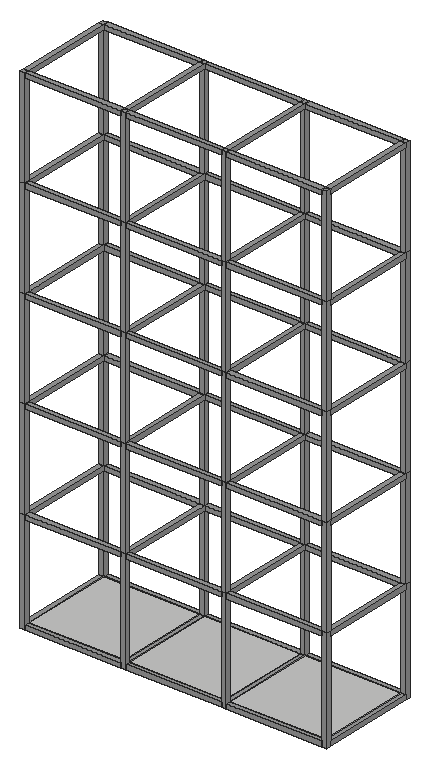
Revit family "Kulture Quoll Configurator", category Furniture, Revit 2019
Family settings
  OmniClass Number = 23.40.20.00
  OmniClass Title = General Furniture and Specialties
  Work Plane-Based = Yes
  Always vertical = Yes
  Cut with Voids When Loaded = No
  Shared = No
  Room Calculation Point = No
Parameters (values of type "Storage - 3 Wide x 5 High Unit")
  URL = "www.gof.co.uk"
  Table Top = Gresham - CONCRETE
  Range = "KULTURE QUOLL"
  Product Code = "KQ3W5H"
  Manufacturer = "Gresham Office Furniture"  # constant formula
  Height = 400 mm
  Frame = Gresham - BLACK METAL
  Width = 400 mm
  Foot = Gresham - BLACK PLASTIC
  Depth = 400 mm
  Default Elevation = 0 mm
  Assembly Code = "E2020200"
  5th Level Box 3 = yes
  5th Level Box 2 = yes
  5th Level Box 1 = yes
  4th Level Box 3 = yes
  4th Level Box 2 = yes
  4th Level Box 1 = yes
  3rd Level Box 3 = yes
  3rd Level Box 2 = yes
  3rd Level Box 1 = yes
  2nd Level Box 3 = yes
  2nd Level Box 2 = yes
  2nd Level Box 1 = yes
  1st Level Box 2 = yes
  1st Level Box 1 = yes
  1st Level Box 3 = yes
Types (11, lengths in mm): name | Product Code | 5th Level Box 3 | 5th Level Box 2 | 5th Level Box 1 | 4th Level Box 3 | 4th Level Box 2 | 4th Level Box 1 | 3rd Level Box 3 | 3rd Level Box 2 | 3rd Level Box 1 | 2nd Level Box 3 | 2nd Level Box 2 | 2nd Level Box 1 | 1st Level Box 2 | 1st Level Box 3
  Storage - 1 Wide x 1 High Unit | "KQ1W1H" | no | no | no | no | no | no | no | no | no | no | no | no | no | no
  Storage - 2 Wide x 2 High Step Unit | "KQ2W2HST" | no | no | no | no | no | no | no | no | no | no | no | yes | yes | no
  Storage - 2 Wide x 2 High Unit | "KQ2W2H" | no | no | no | no | no | no | no | no | no | no | yes | yes | yes | no
  Storage - 3 Wide x 3 High Step Unit | "KQ3W3HST" | no | no | no | no | no | no | no | no | yes | no | yes | yes | yes | yes
  Storage - 3 Wide x 4 High Step Unit | "KQ3W4HST" | no | no | no | no | no | yes | no | no | yes | no | yes | yes | yes | yes
  Storage - 3 Wide x 5 High Step Unit | "KQ3WHST" | no | no | yes | no | no | yes | no | yes | yes | yes | yes | yes | yes | yes
  Storage - 3 Wide x 1 High Unit | "KQ3W1H" | no | no | no | no | no | no | no | no | no | no | no | no | yes | yes
  Storage - 3 Wide x 2 High Unit | "KQW3W2H" | no | no | no | no | no | no | no | no | no | yes | yes | yes | yes | yes
  Storage - 3 Wide x 3 High Unit | "KQ3W3H" | no | no | no | no | no | no | yes | yes | yes | yes | yes | yes | yes | yes
  Storage - 3 Wide x 4 High Unit | "KQ3W4H" | no | no | no | yes | yes | yes | yes | yes | yes | yes | yes | yes | yes | yes
  Storage - 3 Wide x 5 High Unit | "KQ3W5H" | yes | yes | yes | yes | yes | yes | yes | yes | yes | yes | yes | yes | yes | yes
Reference planes
  plane 1 "Center (Front/Back)": y = 0
  plane 2: z = 0
  plane 3: x = -211
  plane 4: y = -200
  plane 5: y = 200
  plane 6 "Level 1": z = 400
  plane 7 "Frame Height": z = 400
  plane 8 "Level 2": z = 782
  plane 9 "Level 3": z = 1164
  plane 10 "Level 4": z = 1546
  plane 11 "Level 5": z = 1928
  plane 12 "Left/Right": x = 382
  plane 13: x = 974
Dimensions and locks
  "Depth": plane 5 to plane 4
  equal spacing: plane 5, plane 1 "Center (Front/Back)", plane 4
  "Height": plane 6 "Level 1" to level
  plane 8 "Level 2" to plane 6 "Level 1" = 382 mm
  plane 9 "Level 3" to plane 8 "Level 2" = 382 mm
  plane 10 "Level 4" to plane 9 "Level 3" = 382 mm
  plane 11 "Level 5" to plane 10 "Level 4" = 382 mm
  nested 15 to nested 15 to nested 14 to nested 14 to nested 13 to nested 13 to nested 13 = 18 mm, 371 mm, 18 mm, 371 mm, 18 mm, 371 mm
  nested 13 to plane 3 = 18 mm
  plane 13 to plane 12 "Left/Right" to plane 3 = 592 mm, 593 mm
  plane 3 to plane 13 = 1185 mm
  plane 3 to plane 12 "Left/Right" to plane 13 = 593 mm, 592 mm
  locked: plane 3 to plane 13 at 1185
  aligned and locked: level to plane 2
Nested families
  nested 1: "Modular Storage Single Box" at (-5, 0, 0), visible <- "1st Level Box 1", type "Modular Storage Single Box"
    with Shelf Vis no, Shelf Gresham - CONCRETE, Frame Gresham - BLACK METAL, Box Vis no, Box Gresham - Azure, Base Vis yes, Base Switch yes, Base Gresham - CONCRETE
  nested 2: "Modular Storage Single Box Add-on" at (3, 0, 0), visible <- "1st Level Box 2", type "Modular Storage Single Box Add-on"
    with Shelf (Vis) no, Shelf Gresham - CONCRETE, Frame Gresham - BLACK METAL, Box (Vis) no, Box Gresham - Azure, Base (Vis) yes, Base Gresham - CONCRETE
  nested 3: "Modular Storage Single Box Add-on" at (392, 0, 0), visible <- "1st Level Box 3", type "Modular Storage Single Box Add-on"
    with Shelf (Vis) no, Shelf Gresham - CONCRETE, Frame Gresham - BLACK METAL, Box (Vis) no, Box Gresham - Azure, Base (Vis) yes, Base Gresham - CONCRETE
  nested 4: "Modular Storage Upper Single Box" at (-5, 0, 0), visible <- "2nd Level Box 1", type "Modular Storage Upper Single Box"
    with Shelf (Vis) no, Shelf Gresham - CONCRETE, Frame Gresham - BLACK METAL, Box (Vis) no, Box Gresham - Azure
  nested 5: "Modular Storage Upper Single Box Add-on" at (385, 0, 0), visible <- "2nd Level Box 2", type "Modular Storage Upper Single Box Add-on"
    with Shelf (Vis) no, Shelf Gresham - CONCRETE, Frame Gresham - BLACK METAL, Box (Vis) no, Box Gresham - Azure
  nested 6: "Modular Storage Upper Single Box Add-on" at (774, 0, 0), visible <- "2nd Level Box 3", type "Modular Storage Upper Single Box Add-on"
    with Shelf (Vis) no, Shelf Gresham - CONCRETE, Frame Gresham - BLACK METAL, Box (Vis) no, Box Gresham - Azure
  nested 7: "Modular Storage Upper Single Box" at (-5, 0, 382), visible <- "3rd Level Box 1", type "Modular Storage Upper Single Box"
    with Shelf (Vis) no, Shelf Gresham - CONCRETE, Frame Gresham - BLACK METAL, Box (Vis) no, Box Gresham - Azure
  nested 8: "Modular Storage Upper Single Box Add-on" at (385, 0, 382), visible <- "3rd Level Box 2", type "Modular Storage Upper Single Box Add-on"
    with Shelf (Vis) no, Shelf Gresham - CONCRETE, Box (Vis) no
  nested 9: "Modular Storage Upper Single Box Add-on" at (774, 0, 382), visible <- "3rd Level Box 3", type "Modular Storage Upper Single Box Add-on"
    with Shelf (Vis) no, Shelf Gresham - CONCRETE, Box (Vis) no
  nested 10: "Modular Storage Upper Single Box" at (-5, 0, 764), visible <- "4th Level Box 1", type "Modular Storage Upper Single Box"
    with Shelf (Vis) no, Shelf Gresham - CONCRETE, Box (Vis) no
  nested 11: "Modular Storage Upper Single Box Add-on" at (385, 0, 764), visible <- "4th Level Box 2", type "Modular Storage Upper Single Box Add-on"
    with Shelf (Vis) no, Shelf Gresham - CONCRETE, Box (Vis) no
  nested 12: "Modular Storage Upper Single Box Add-on" at (774, 0, 764), visible <- "4th Level Box 3", type "Modular Storage Upper Single Box Add-on"
    with Shelf (Vis) no, Shelf Gresham - CONCRETE, Box (Vis) no
  nested 13: "Modular Storage Upper Single Box" at (-5, 0, 1146), visible <- "5th Level Box 1", type "Modular Storage Upper Single Box"
    with Shelf (Vis) no, Shelf Gresham - CONCRETE, Frame Gresham - BLACK METAL, Box (Vis) no, Box Gresham - Azure
  nested 14: "Modular Storage Upper Single Box Add-on" at (385, 0, 1146), visible <- "5th Level Box 2", type "Modular Storage Upper Single Box Add-on"
    with Shelf (Vis) no, Shelf Gresham - CONCRETE, Frame Gresham - BLACK METAL, Box (Vis) no, Box Gresham - Azure
  nested 15: "Modular Storage Upper Single Box Add-on" at (774, 0, 1146), visible <- "5th Level Box 3", type "Modular Storage Upper Single Box Add-on"
    with Shelf (Vis) no, Shelf Gresham - CONCRETE, Frame Gresham - BLACK METAL, Box (Vis) no, Box Gresham - Azure
Definition of nested family "Modular Storage Single Box"
  Parameters (values of type "Modular Storage Single Box")
    URL = "www.gof.co.uk"
    Shelf Vis [instance] = yes
    Shelf [instance] = none
    Range = "KULTURE"
    Product Code = ""
    Manufacturer = "Gresham Office Furniture"  # constant formula
    Height = 400 mm
    Frame [instance] = none
    Width = 400 mm
    Depth = 400 mm
    Box Vis [instance] = no
    Box [instance] = none
    Base Switch [instance] = and(not(Box Vis), Base Vis)  # no
    Base Vis [instance] = no
    Base [instance] = none
    Assembly Code = "E2020200"
  Reference planes
    plane 1 "Center (Front/Back)": y = 0
    plane 2: z = 0
    plane 3: y = -200
    plane 4: y = 200
    plane 5 "Top": z = 400
    plane 6 "Frame Height": z = 400
    plane 7: x = -3
  Forms (mm)
    Extrusion 1, solid, material <- "Shelf", visible <- "Shelf Vis"
      sketch origin (0, 0, 0) x (1, 0, 0) y (0, 1, 0)
        loop
          line (183, 182) -> (-188, 182) -> (-188, -182) -> (183, -182) -> (183, 182)
      from 400 to 382
    Extrusion 2, solid, material <- "Frame"
      sketch origin (0, 0, 0) x (0, -1, 0) y (1, 0, 0)
        loop
          line (200, 201) -> (182, 201) -> (182, 183) -> (200, 183) -> (200, 201)
        loop
          line (200, -206) -> (200, -188) -> (182, -188) -> (182, -206) -> (200, -206)
        loop
          line (-200, 201) -> (-200, 183) -> (-182, 183) -> (-182, 201) -> (-200, 201)
        loop
          line (-200, -206) -> (-182, -206) -> (-182, -188) -> (-200, -188) -> (-200, -206)
      from 0 to 400
    Extrusion 3, solid, material <- "Frame"
      sketch origin (1, 0, 0) x (1, 0, 0) y (0, 0, 1)
        loop
          line (182, 0) -> (200, 0) -> (200, 18) -> (182, 18) -> (182, 0)
        loop
          line (-189, 0) -> (-189, 18) -> (-207, 18) -> (-207, 0) -> (-189, 0)
      from -182 to 182
    Extrusion 4, solid, material <- "Frame"
      sketch origin (-115, 0, 0) x (0, 1, 0) y (0, 0, 1)
        loop
          line (182, 0) -> (200, 0) -> (200, 18) -> (182, 18) -> (182, 0)
        loop
          line (-182, 0) -> (-182, 18) -> (-200, 18) -> (-200, 0) -> (-182, 0)
      from -73 to 298
    Extrusion 5, solid, material <- "Frame"
      sketch origin (-115, 0, 400) x (0, 1, 0) y (0, 0, 1)
        loop
          line (182, 0) -> (182, -18) -> (200, -18) -> (200, 0) -> (182, 0)
        loop
          line (-182, 0) -> (-200, 0) -> (-200, -18) -> (-182, -18) -> (-182, 0)
      from -73 to 298
    Extrusion 6, solid, material <- "Frame"
      sketch origin (0, 0, 400) x (1, 0, 0) y (0, 0, 1)
        loop
          line (183, 0) -> (183, -18) -> (201, -18) -> (201, 0) -> (183, 0)
        loop
          line (-188, 0) -> (-206, 0) -> (-206, -18) -> (-188, -18) -> (-188, 0)
      from -182 to 182
    Extrusion 7, solid, material <- "Base", visible <- "Base Switch"
      sketch origin (0, 0, -382) x (0, -1, 0) y (1, 0, 0)
        loop
          line (-182, 183) -> (-182, -188) -> (182, -188) -> (182, 183) -> (-182, 183)
      from 400 to 382
    Extrusion 8, solid, material <- "Box", visible <- "Box Vis"
      sketch origin (-382, 0, 0) x (1, 0, 0) y (0, 0, 1)
        loop
          line (565, 382) -> (194, 382) -> (194, 0) -> (565, 0) -> (565, 382)
        loop
          line (212, 364) -> (212, 18) -> (547, 18) -> (547, 364) -> (212, 364)
      from -182 to 182
  Dimensions and locks
    "Depth": plane 4 to plane 3
    equal spacing: plane 4, plane 1 "Center (Front/Back)", plane 3
    "Height": plane 5 "Top" to level
    aligned and locked: level to plane 2
    aligned and locked: plane 6 "Frame Height" to Extrusion 1
  Automatic sketch dimensions
    Extrusion 2 sketch curve to plane 4 = 0 mm  (x2)
    plane 3 to Extrusion 2 sketch curve = 0 mm  (x2)
    Extrusion 3 sketch curve to level = 0 mm  (x2)
    level to Extrusion 3 sketch curve = 18 mm  (x2)
    Extrusion 4 sketch curve to level = 0 mm  (x2)
    Extrusion 4 sketch curve to plane 3 = 0 mm
    Extrusion 4 sketch curve to plane 4 = 0 mm
    level to Extrusion 4 sketch curve = 18 mm  (x2)
    Extrusion 5 sketch curve to plane 3 = 0 mm
    Extrusion 5 sketch curve to plane 4 = 0 mm
    plane 5 "Top" to Extrusion 5 sketch curve = 0 mm  (x2)
    plane 5 "Top" to Extrusion 5 sketch curve = 18 mm  (x2)
    Extrusion 6 sketch curve to plane 5 "Top" = 0 mm  (x2)
    Extrusion 6 sketch curve to plane 5 "Top" = 18 mm  (x2)
    Extrusion 8 sketch curve to level = 0 mm
    plane 5 "Top" to Extrusion 8 sketch curve = 36 mm
    Extrusion 8 sketch curve to Extrusion 8 sketch curve = 335 mm
    Extrusion 8 sketch curve to Extrusion 8 sketch curve = 18 mm  (x2)
    level to Extrusion 8 sketch curve = 18 mm
    plane 5 "Top" to Extrusion 8 sketch curve = 18 mm
    Extrusion 2 sketch curve to Extrusion 2 sketch curve = 18 mm  (x4)
    Extrusion 3 sketch curve to Extrusion 3 sketch curve = 18 mm  (x2)
    Extrusion 6 sketch curve to Extrusion 6 sketch curve = 18 mm  (x2)
    Extrusion 1 sketch curve to Extrusion 1 sketch curve = 371 mm
    Extrusion 2 sketch curve to Extrusion 2 sketch curve = 371 mm  (x2)
    Extrusion 3 sketch curve to Extrusion 3 sketch curve = 371 mm
    Extrusion 6 sketch curve to Extrusion 6 sketch curve = 371 mm
    Extrusion 1 sketch curve to plane 7 = 185 mm
    Extrusion 7 sketch curve to plane 7 = 185 mm
    plane 7 to Extrusion 7 sketch curve = 186 mm
    Extrusion 1 sketch curve to plane 3 = 18 mm
    Extrusion 2 sketch curve to plane 3 = 18 mm  (x2)
    Extrusion 4 sketch curve to plane 3 = 18 mm
    Extrusion 5 sketch curve to plane 3 = 18 mm
    Extrusion 7 sketch curve to plane 3 = 18 mm
    Extrusion 1 sketch curve to plane 4 = 18 mm
    Extrusion 2 sketch curve to plane 4 = 18 mm  (x2)
    Extrusion 4 sketch curve to plane 4 = 18 mm
    Extrusion 5 sketch curve to plane 4 = 18 mm
    Extrusion 7 sketch curve to plane 4 = 18 mm
    Extrusion 2 sketch curve to plane 7 = 203 mm  (x2)
    Extrusion 3 sketch curve to plane 7 = 203 mm
    plane 7 to Extrusion 6 sketch curve = 203 mm
    Extrusion 8 sketch curve to plane 7 = 185 mm
Definition of nested family "Modular Storage Single Box Add-on"
  Parameters (values of type "Modular Storage Single Box Add-on")
    URL = "www.gof.co.uk"
    Shelf [instance] = none
    Shelf (Vis) [instance] = no
    Range = "KULTURE"
    Product Code = ""
    Manufacturer = "Gresham Office Furniture"  # constant formula
    Height = 400 mm
    Frame [instance] = none
    Width = 400 mm
    Depth = 400 mm
    Box (Vis) [instance] = no
    Box [instance] = none
    Base (Vis) [instance] = yes
    Base [instance] = none
    Assembly Code = "E2020200"
  Reference planes
    plane 1 "Center (Front/Back)": y = 0
    plane 2: z = 0
    plane 3 "Center (Left/Right)": x = 0
    plane 4: y = -200
    plane 5: y = 200
    plane 6 "Top": z = 400
    plane 7 "Frame Height": z = 400
  Forms (mm)
    Extrusion 1, solid, material <- "Shelf", visible <- "Shelf (Vis)"
      sketch origin (382, 0, 0) x (1, 0, 0) y (0, 1, 0)
        loop
          line (182, 182) -> (-189, 182) -> (-189, -182) -> (182, -182) -> (182, 182)
      from 400 to 382
    Extrusion 2, solid, material <- "Frame"
      sketch origin (382, 0, 0) x (0, -1, 0) y (1, 0, 0)
        loop
          line (200, 200) -> (182, 200) -> (182, 182) -> (200, 182) -> (200, 200)
        loop
          line (-200, 200) -> (-200, 182) -> (-182, 182) -> (-182, 200) -> (-200, 200)
      from 0 to 400
    Extrusion 3, solid, material <- "Frame"
      sketch origin (382, 0, 0) x (1, 0, 0) y (0, 0, 1)
        loop
          line (182, 0) -> (200, 0) -> (200, 18) -> (182, 18) -> (182, 0)
      from -182 to 182
    Extrusion 4, solid, material <- "Frame"
      sketch origin (267, 0, 0) x (0, 1, 0) y (0, 0, 1)
        loop
          line (182, 0) -> (200, 0) -> (200, 18) -> (182, 18) -> (182, 0)
        loop
          line (-182, 0) -> (-182, 18) -> (-200, 18) -> (-200, 0) -> (-182, 0)
      from -74 to 297
    Extrusion 5, solid, material <- "Frame"
      sketch origin (267, 0, 400) x (0, 1, 0) y (0, 0, 1)
        loop
          line (182, 0) -> (182, -18) -> (200, -18) -> (200, 0) -> (182, 0)
        loop
          line (-182, 0) -> (-200, 0) -> (-200, -18) -> (-182, -18) -> (-182, 0)
      from -74 to 297
    Extrusion 6, solid, material <- "Frame"
      sketch origin (382, 0, 400) x (1, 0, 0) y (0, 0, 1)
        loop
          line (182, 0) -> (182, -18) -> (200, -18) -> (200, 0) -> (182, 0)
      from -182 to 182
    Extrusion 7, solid, material <- "Base", visible <- "Base (Vis)"
      sketch origin (382, 0, -382) x (0, -1, 0) y (1, 0, 0)
        loop
          line (-182, 182) -> (-182, -189) -> (182, -189) -> (182, 182) -> (-182, 182)
      from 400 to 382
    Extrusion 8, solid, material <- "Box", visible <- "Box (Vis)"
      sketch origin (0, 0, 0) x (1, 0, 0) y (0, 0, 1)
        loop
          line (564, 382) -> (193, 382) -> (193, 0) -> (564, 0) -> (564, 382)
        loop
          line (211, 364) -> (211, 18) -> (546, 18) -> (546, 364) -> (211, 364)
      from -182 to 182
  Lines and regions (mm)
    model lines
      curve 1: line (582, 200, 400) -> (582, -200, 400)
  Dimensions and locks
    "Depth": plane 5 to plane 4
    equal spacing: plane 5, plane 1 "Center (Front/Back)", plane 4
    "Height": plane 6 "Top" to level
    aligned and locked: level to plane 2
  Automatic sketch dimensions
    plane 4 to curve 1 = 0 mm
    curve 1 to plane 5 = 0 mm
    Extrusion 2 sketch curve to plane 5 = 0 mm
    plane 4 to Extrusion 2 sketch curve = 0 mm
    Extrusion 2 sketch curve to Extrusion 2 sketch curve = 18 mm  (x2)
    Extrusion 3 sketch curve to level = 0 mm
    level to Extrusion 3 sketch curve = 18 mm
    Extrusion 3 sketch curve to Extrusion 3 sketch curve = 18 mm
    Extrusion 4 sketch curve to level = 0 mm  (x2)
    Extrusion 4 sketch curve to plane 4 = 0 mm
    Extrusion 4 sketch curve to plane 5 = 0 mm
    level to Extrusion 4 sketch curve = 18 mm  (x2)
    Extrusion 5 sketch curve to plane 4 = 0 mm
    Extrusion 5 sketch curve to plane 5 = 0 mm
    plane 6 "Top" to Extrusion 5 sketch curve = 0 mm  (x2)
    plane 6 "Top" to Extrusion 5 sketch curve = 18 mm  (x2)
    Extrusion 6 sketch curve to plane 6 "Top" = 0 mm
    Extrusion 6 sketch curve to plane 6 "Top" = 18 mm
    Extrusion 6 sketch curve to Extrusion 6 sketch curve = 18 mm
    plane 6 "Top" to Extrusion 8 sketch curve = 36 mm
    Extrusion 8 sketch curve to Extrusion 8 sketch curve = 335 mm
    Extrusion 8 sketch curve to Extrusion 8 sketch curve = 18 mm  (x2)
    level to Extrusion 8 sketch curve = 18 mm
    level to Extrusion 8 sketch curve = 0 mm
    plane 6 "Top" to Extrusion 8 sketch curve = 18 mm
    plane 3 "Center (Left/Right)" to curve 1 = 582 mm
    plane 3 "Center (Left/Right)" to Extrusion 1 sketch curve = 193 mm
    Extrusion 1 sketch curve to Extrusion 1 sketch curve = 371 mm
    plane 3 "Center (Left/Right)" to Extrusion 2 sketch curve = 564 mm
    Extrusion 2 sketch curve to Extrusion 2 sketch curve = 0 mm
    plane 3 "Center (Left/Right)" to Extrusion 3 sketch curve = 564 mm
    Extrusion 6 sketch curve to plane 3 "Center (Left/Right)" = 564 mm
    plane 3 "Center (Left/Right)" to Extrusion 7 sketch curve = 193 mm
    Extrusion 7 sketch curve to Extrusion 7 sketch curve = 371 mm
    plane 3 "Center (Left/Right)" to Extrusion 8 sketch curve = 193 mm
    Extrusion 1 sketch curve to plane 5 = 18 mm
    Extrusion 2 sketch curve to plane 5 = 18 mm
    Extrusion 4 sketch curve to plane 5 = 18 mm
    Extrusion 5 sketch curve to plane 5 = 18 mm
    Extrusion 7 sketch curve to plane 5 = 18 mm
    Extrusion 1 sketch curve to plane 4 = 18 mm
    Extrusion 2 sketch curve to plane 4 = 18 mm
    Extrusion 4 sketch curve to plane 4 = 18 mm
    Extrusion 5 sketch curve to plane 4 = 18 mm
    Extrusion 7 sketch curve to plane 4 = 18 mm
Definition of nested family "Modular Storage Upper Single Box"
  Parameters (values of type "Modular Storage Upper Single Box")
    URL = "www.gof.co.uk"
    Shelf [instance] = none
    Shelf (Vis) [instance] = no
    Range = "KULTURE"
    Product Code = ""
    Manufacturer = "Gresham Office Furniture"  # constant formula
    Height = 400 mm
    Frame [instance] = none
    Width = 400 mm
    Depth = 400 mm
    Box (Vis) [instance] = no
    Box [instance] = none
    Assembly Code = "E2020200"
  Reference planes
    plane 1 "Center (Front/Back)": y = 0
    plane 2: z = 0
    plane 3: y = -200
    plane 4: y = 200
    plane 5 "Top": z = 400
    plane 6 "Frame Height": z = 400
    plane 7: z = 782
    plane 8: x = -3
    plane 9: x = -206
    plane 10: x = 201
  Forms (mm)
    Extrusion 1, solid, material <- "Shelf", visible <- "Shelf (Vis)"
      sketch origin (0, 0, 382) x (1, 0, 0) y (0, 1, 0)
        loop
          line (183, 182) -> (-188, 182) -> (-188, -182) -> (183, -182) -> (183, 182)
      from 400 to 382
    Extrusion 2, solid, material <- "Frame"
      sketch origin (0, 0, 382) x (0, -1, 0) y (1, 0, 0)
        loop
          line (200, 201) -> (182, 201) -> (182, 183) -> (200, 183) -> (200, 201)
        loop
          line (200, -206) -> (200, -188) -> (182, -188) -> (182, -206) -> (200, -206)
        loop
          line (-200, 201) -> (-200, 183) -> (-182, 183) -> (-182, 201) -> (-200, 201)
        loop
          line (-200, -206) -> (-182, -206) -> (-182, -188) -> (-200, -188) -> (-200, -206)
      from 18 to 400
    Extrusion 3, solid, material <- "Frame"
      sketch origin (-115, 0, 782) x (0, 1, 0) y (0, 0, 1)
        loop
          line (182, 0) -> (182, -18) -> (200, -18) -> (200, 0) -> (182, 0)
        loop
          line (-182, 0) -> (-200, 0) -> (-200, -18) -> (-182, -18) -> (-182, 0)
      from -73 to 298
    Extrusion 4, solid, material <- "Frame"
      sketch origin (0, 0, 782) x (1, 0, 0) y (0, 0, 1)
        loop
          line (183, 0) -> (183, -18) -> (201, -18) -> (201, 0) -> (183, 0)
        loop
          line (-188, 0) -> (-206, 0) -> (-206, -18) -> (-188, -18) -> (-188, 0)
      from -182 to 182
    Extrusion 5, solid, material <- "Box", visible <- "Box (Vis)"
      sketch origin (-382, 0, 382) x (1, 0, 0) y (0, 0, 1)
        loop
          line (565, 382) -> (194, 382) -> (194, 18) -> (565, 18) -> (565, 382)
        loop
          line (212, 364) -> (212, 36) -> (547, 36) -> (547, 364) -> (212, 364)
      from -182 to 182
  Dimensions and locks
    "Depth": plane 4 to plane 3
    equal spacing: plane 4, plane 1 "Center (Front/Back)", plane 3
    "Height": plane 5 "Top" to level
    Extrusion 3 to plane 5 "Top" = 382 mm
    aligned and locked: level to plane 2
  Automatic sketch dimensions
    Extrusion 2 sketch curve to plane 4 = 0 mm  (x2)
    plane 3 to Extrusion 2 sketch curve = 0 mm  (x2)
    Extrusion 3 sketch curve to plane 3 = 0 mm
    Extrusion 3 sketch curve to plane 4 = 0 mm
    plane 7 to Extrusion 3 sketch curve = 0 mm  (x2)
    plane 7 to Extrusion 3 sketch curve = 18 mm  (x2)
    Extrusion 4 sketch curve to plane 7 = 0 mm  (x2)
    Extrusion 4 sketch curve to plane 7 = 18 mm  (x2)
    Extrusion 5 sketch curve to plane 5 "Top" = 0 mm
    Extrusion 5 sketch curve to plane 5 "Top" = 18 mm
    plane 7 to Extrusion 5 sketch curve = 36 mm
    plane 7 to Extrusion 5 sketch curve = 18 mm
    Extrusion 2 sketch curve to Extrusion 2 sketch curve = 18 mm  (x4)
    Extrusion 4 sketch curve to Extrusion 4 sketch curve = 18 mm  (x2)
    Extrusion 5 sketch curve to Extrusion 5 sketch curve = 18 mm  (x2)
    Extrusion 1 sketch curve to Extrusion 1 sketch curve = 371 mm
    Extrusion 2 sketch curve to Extrusion 2 sketch curve = 371 mm  (x2)
    Extrusion 4 sketch curve to Extrusion 4 sketch curve = 371 mm
    Extrusion 5 sketch curve to Extrusion 5 sketch curve = 335 mm
    Extrusion 1 sketch curve to plane 4 = 18 mm
    Extrusion 2 sketch curve to plane 4 = 18 mm  (x2)
    Extrusion 3 sketch curve to plane 4 = 18 mm
    Extrusion 1 sketch curve to plane 3 = 18 mm
    Extrusion 2 sketch curve to plane 3 = 18 mm  (x2)
    Extrusion 3 sketch curve to plane 3 = 18 mm
    Extrusion 1 sketch curve to plane 9 = 18 mm
    Extrusion 2 sketch curve to plane 9 = 0 mm  (x2)
    plane 9 to Extrusion 4 sketch curve = 0 mm
    Extrusion 5 sketch curve to plane 9 = 18 mm
Definition of nested family "Modular Storage Upper Single Box Add-on"
  Parameters (values of type "Modular Storage Upper Single Box Add-on")
    URL = "www.gof.co.uk"
    Shelf [instance] = none
    Shelf (Vis) [instance] = no
    Range = "KULTURE"
    Product Code = ""
    Manufacturer = "Gresham Office Furniture"  # constant formula
    Height = 400 mm
    Frame [instance] = none
    Width = 400 mm
    Depth = 400 mm
    Box (Vis) [instance] = no
    Box [instance] = none
    Assembly Code = "E2020200"
  Reference planes
    plane 1 "Center (Front/Back)": y = 0
    plane 2: z = 0
    plane 3 "Center (Left/Right)": x = 0
    plane 4: x = 200
    plane 5: x = -200
    plane 6: y = -200
    plane 7: y = 200
    plane 8 "Top": z = 400
    plane 9 "Frame Height": z = 400
    plane 10: y = 182
    plane 11: x = 182
    plane 12: z = 782
  Forms (mm)
    Extrusion 1, solid, material <- "Shelf", visible <- "Shelf (Vis)"
      sketch origin (0, 0, 382) x (1, 0, 0) y (0, 1, 0)
        loop
          line (182, 182) -> (-189, 182) -> (-189, -182) -> (182, -182) -> (182, 182)
      from 400 to 382
    Extrusion 2, solid, material <- "Frame"
      sketch origin (0, 0, 382) x (0, -1, 0) y (1, 0, 0)
        loop
          line (200, 200) -> (182, 200) -> (182, 182) -> (200, 182) -> (200, 200)
        loop
          line (-200, 200) -> (-200, 182) -> (-182, 182) -> (-182, 200) -> (-200, 200)
      from 18 to 400
    Extrusion 3, solid, material <- "Frame"
      sketch origin (-115, 0, 782) x (0, 1, 0) y (0, 0, 1)
        loop
          line (182, 0) -> (182, -18) -> (200, -18) -> (200, 0) -> (182, 0)
        loop
          line (-182, 0) -> (-200, 0) -> (-200, -18) -> (-182, -18) -> (-182, 0)
      from -74 to 297
    Extrusion 4, solid, material <- "Frame"
      sketch origin (0, 0, 782) x (1, 0, 0) y (0, 0, 1)
        loop
          line (182, 0) -> (182, -18) -> (200, -18) -> (200, 0) -> (182, 0)
      from -182 to 182
    Extrusion 5, solid, material <- "Box", visible <- "Box (Vis)"
      sketch origin (-382, 0, 382) x (1, 0, 0) y (0, 0, 1)
        loop
          line (564, 382) -> (193, 382) -> (193, 18) -> (564, 18) -> (564, 382)
        loop
          line (211, 364) -> (211, 36) -> (546, 36) -> (546, 364) -> (211, 364)
      from -182 to 182
  Dimensions and locks
    "Width": plane 5 to plane 4
    equal spacing: plane 5, plane 3 "Center (Left/Right)", plane 4
    "Depth": plane 7 to plane 6
    equal spacing: plane 7, plane 1 "Center (Front/Back)", plane 6
    "Height": plane 8 "Top" to level
    locked: plane 7 to plane 10 at 18
    locked: plane 4 to plane 11 at 18
    Extrusion 3 to plane 8 "Top" = 382 mm
    aligned and locked: level to plane 2
  Automatic sketch dimensions
    plane 10 to Extrusion 1 sketch curve = 0 mm
    Extrusion 1 sketch curve to plane 11 = 0 mm
    Extrusion 2 sketch curve to plane 4 = 0 mm  (x2)
    Extrusion 2 sketch curve to plane 7 = 0 mm
    plane 10 to Extrusion 2 sketch curve = 0 mm
    Extrusion 2 sketch curve to plane 6 = 0 mm
    Extrusion 2 sketch curve to plane 11 = 0 mm  (x2)
    Extrusion 3 sketch curve to plane 6 = 0 mm
    plane 10 to Extrusion 3 sketch curve = 0 mm
    Extrusion 3 sketch curve to plane 7 = 0 mm
    plane 12 to Extrusion 3 sketch curve = 0 mm  (x2)
    plane 12 to Extrusion 3 sketch curve = 18 mm  (x2)
    Extrusion 4 sketch curve to plane 11 = 0 mm
    Extrusion 4 sketch curve to plane 4 = 0 mm
    Extrusion 4 sketch curve to plane 12 = 0 mm
    Extrusion 4 sketch curve to plane 12 = 18 mm
    plane 5 to Extrusion 1 sketch curve = 11 mm
    Extrusion 1 sketch curve to plane 6 = 18 mm
    Extrusion 2 sketch curve to Extrusion 2 sketch curve = 18 mm
    Extrusion 3 sketch curve to Extrusion 3 sketch curve = 18 mm
    Extrusion 5 sketch curve to plane 8 "Top" = 0 mm
    Extrusion 5 sketch curve to plane 11 = 0 mm
    Extrusion 5 sketch curve to plane 11 = 18 mm
    plane 5 to Extrusion 5 sketch curve = 29 mm
    plane 5 to Extrusion 5 sketch curve = 11 mm
    Extrusion 5 sketch curve to plane 8 "Top" = 18 mm
    plane 12 to Extrusion 5 sketch curve = 36 mm
    plane 12 to Extrusion 5 sketch curve = 18 mm
